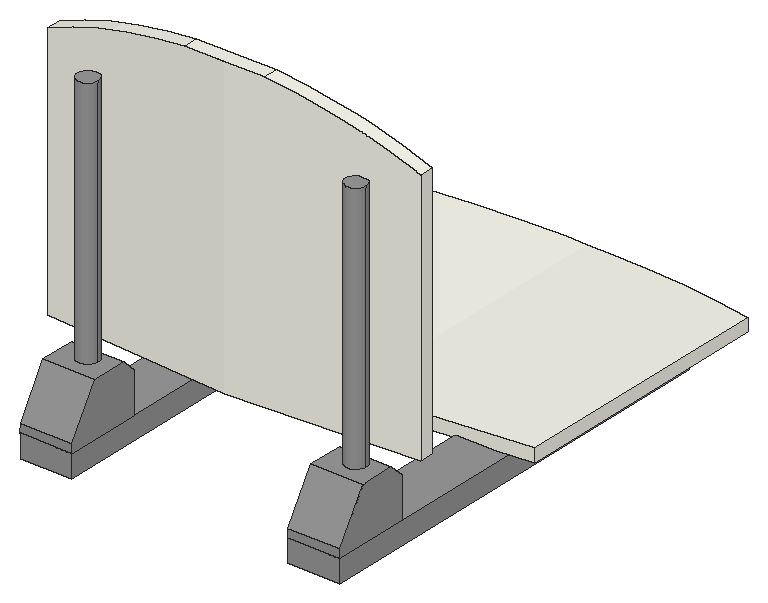
Revit family "KEUCO_34982010037", category Allgemeines Modell, Revit 2016
Family settings
  Teiletyp = Normal
  Kann Basisbauteil für Bewehrung sein = Nein
  Bemaßung runder Anschluss = Durchmesser verwenden
  Arbeitsebenenbasiert = Ja
  Immer vertikal = Nein
  Beim Laden mit Abzugskörper schneiden = Nein
  Gemeinsam genutzt = Nein
  Raumberechnungspunkt = Nein
Parameters (values of type "34982170038")
  Verwendung = "CA / DU"  # constant formula
  URL = "https://www.keuco.com/de/produkte/sortiment/artikel/?pid=34982&oid=2&pgo=18&country=de&lang=de&vid=34982170038"
  Preisgruppe = ""
  Materialien bei Hersteller anfragen = "Anfrage zu:  objektmanagement@keuco.de"
  Material = Weiß (RAL 9010)
  Kategorie = ""
  Gewicht = 0
  Beschreibung = "zur Wandmontage\r\nSitzfläche nach oben klappbar,\r\nRückenlehne abnehmbar"
  Default Elevation = 1219.2 mm
  Serie = "Plan"  # constant formula
  Material Stahl = Aluminium 1100-H18
  Hersteller = "KEUCO"  # constant formula
  Assembly Code = ""
  Ausschreibungstext = "KEUCO PLAN CARE Klappsitz 34982170038\r\nlichtgrauer (RAL 7035) Klappsitz \r\naus Polypropylen zur Wandmontage,\r\nin ästhetischem, funktionalem Design, \r\nfür sicheres Sitzen im Duschbereich,\r\nabnehmbare Rückenlehne zur leichten Reinigung,\r\nWandhalter und Sitzträger als Design-Element \r\naus silber-eloxiertem Aluminium (E6 EV1),\r\nantistatisch, leichte Reinigung,\r\nnach oben klappbarer Sitz belastbar bis 110 kg,\r\nBreite 363 mm, Länge der Sitzfläche 310 mm,\r\nAusladung 397 mm\r\nDer Sitz wird verdeckt angebracht \r\n\r\nDas Befestigungsmaterial ist separat zu bestellen!\r\n\r\nZur Montage (je nach Ankergrund/Mauerwerk) \r\nunbedingt erforderlich:\r\n2 x Befestigungs-Set 2 (Artikel-Nr. 34991000100)\r\noder\r\n2 x Befestigungs-Set 5 (Artikel-Nr. 34991000200)\r\noder\r\n2 x Befestigungs-Set 8 (Artikel-Nr. 34994000200)\r\noder \r\n1 x Befestigungs-Set 10 (Artikel-Nr., 34996000100)"
  Artikelnummer = "34982170038"
Types (6, lengths in mm): name | URL | Materialien bei Hersteller anfragen | Material | Material Stahl | Ausschreibungstext | Artikelnummer
  34982010037 | "https://www.keuco.com/de/produkte/sortiment/artikel/?pid=34982&oid=2&pgo=18&country=de&lang=de&vid=34982010037" | "Request to:  objektmanagement@keuco.de" | Schwarzgrau | Stahl, verchromt | "KEUCO PLAN CARE Klappsitz 34982010037\r\nschwarzgrauer (RAL 7021) Klappsitz \r\naus Polypropylen zur Wandmontage,\r\nin ästhetischem, funktionalem Design, \r\nfür sicheres Sitzen im Duschbereich,\r\nabnehmbare Rückenlehne zur leichten Reinigung,\r\nWandhalter und Sitzträger als Design-Element hochglanzverchromt,\r\nantistatisch, leichte Reinigung,\r\nnach oben klappbarer Sitz belastbar bis 110 kg,\r\nBreite 363 mm, Länge der Sitzfläche 310 mm,\r\nAusladung 397 mm\r\nDer Sitz wird verdeckt angebracht \r\n\r\nDas Befestigungsmaterial ist separat zu bestellen!\r\n\r\nZur Montage (je nach Ankergrund/Mauerwerk) \r\nunbedingt erforderlich:\r\n2 x Befestigungs-Set 2 (Artikel-Nr. 34991000100)\r\noder\r\n2 x Befestigungs-Set 5 (Artikel-Nr. 34991000200)\r\noder\r\n2 x Befestigungs-Set 8 (Artikel-Nr. 34994000200)\r\noder \r\n1 x Befestigungs-Set 10 (Artikel-Nr., 34996000100)" | "34982010037"
  34982010038 | "https://www.keuco.com/de/produkte/sortiment/artikel/?pid=34982&oid=2&pgo=18&country=de&lang=de&vid=34982010038" | "Request to:  objektmanagement@keuco.de" | Lichtgrau (RAL 7035) | Stahl, verchromt | "KEUCO PLAN CARE Klappsitz 34982010038\r\nlichtgrauer (RAL 7035) Klappsitz \r\naus Polypropylen zur Wandmontage,\r\nin ästhetischem, funktionalem Design, \r\nfür sicheres Sitzen im Duschbereich,\r\nabnehmbare Rückenlehne zur leichten Reinigung,\r\nWandhalter und Sitzträger als Design-Element hochglanzverchromt,\r\nantistatisch, leichte Reinigung,\r\nnach oben klappbarer Sitz belastbar bis 110 kg,\r\nBreite 363 mm, Länge der Sitzfläche 310 mm,\r\nAusladung 397 mm\r\nDer Sitz wird verdeckt angebracht \r\n\r\nDas Befestigungsmaterial ist separat zu bestellen!\r\n\r\nZur Montage (je nach Ankergrund/Mauerwerk) \r\nunbedingt erforderlich:\r\n2 x Befestigungs-Set 2 (Artikel-Nr. 34991000100)\r\noder\r\n2 x Befestigungs-Set 5 (Artikel-Nr. 34991000200)\r\noder\r\n2 x Befestigungs-Set 8 (Artikel-Nr. 34994000200)\r\noder \r\n1 x Befestigungs-Set 10 (Artikel-Nr., 34996000100)" | "34982010038"
  34982010051 | "https://www.keuco.com/de/produkte/sortiment/artikel/?pid=34982&oid=2&pgo=18&country=de&lang=de&vid=34982010051" | "Request to:  objektmanagement@keuco.de" | Weiß (RAL 9010) | Stahl, verchromt | "KEUCO PLAN CARE Klappsitz 34982010051\r\nweißer (RAL 9010) Klappsitz \r\naus Polypropylen zur Wandmontage,\r\nin ästhetischem, funktionalem Design, \r\nfür sicheres Sitzen im Duschbereich,\r\nabnehmbare Rückenlehne zur leichten Reinigung,\r\nWandhalter und Sitzträger als Design-Element hochglanzverchromt,\r\nantistatisch, leichte Reinigung,\r\nnach oben klappbarer Sitz belastbar bis 110 kg,\r\nBreite 363 mm, Länge der Sitzfläche 310 mm,\r\nAusladung 397 mm\r\nDer Sitz wird verdeckt angebracht \r\n\r\nDas Befestigungsmaterial ist separat zu bestellen!\r\n\r\nZur Montage (je nach Ankergrund/Mauerwerk) \r\nunbedingt erforderlich:\r\n2 x Befestigungs-Set 2 (Artikel-Nr. 34991000100)\r\noder\r\n2 x Befestigungs-Set 5 (Artikel-Nr. 34991000200)\r\noder\r\n2 x Befestigungs-Set 8 (Artikel-Nr. 34994000200)\r\noder \r\n1 x Befestigungs-Set 10 (Artikel-Nr., 34996000100)" | "34982010051"
  34982170037 | "https://www.keuco.com/de/produkte/sortiment/artikel/?pid=34982&oid=2&pgo=18&country=de&lang=de&vid=34982170037" | "Request to:  objektmanagement@keuco.de" | Schwarzgrau | Aluminium 1100-H18 | "KEUCO PLAN CARE Klappsitz 34982170037\r\nschwarzgrauer (RAL 7021) Klappsitz \r\naus Polypropylen zur Wandmontage,\r\nin ästhetischem, funktionalem Design, \r\nfür sicheres Sitzen im Duschbereich,\r\nabnehmbare Rückenlehne zur leichten Reinigung,\r\nWandhalter und Sitzträger als Design-Element \r\naus silber-eloxiertem Aluminium (E6 EV1),\r\nantistatisch, leichte Reinigung,\r\nnach oben klappbarer Sitz belastbar bis 110 kg,\r\nBreite 363 mm, Länge der Sitzfläche 310 mm,\r\nAusladung 397 mm\r\nDer Sitz wird verdeckt angebracht \r\n\r\nDas Befestigungsmaterial ist separat zu bestellen!\r\n\r\nZur Montage (je nach Ankergrund/Mauerwerk) \r\nunbedingt erforderlich:\r\n2 x Befestigungs-Set 2 (Artikel-Nr. 34991000100)\r\noder\r\n2 x Befestigungs-Set 5 (Artikel-Nr. 34991000200)\r\noder\r\n2 x Befestigungs-Set 8 (Artikel-Nr. 34994000200)\r\noder \r\n1 x Befestigungs-Set 10 (Artikel-Nr., 34996000100)" | "34982170037"
  34982170038 | "https://www.keuco.com/de/produkte/sortiment/artikel/?pid=34982&oid=2&pgo=18&country=de&lang=de&vid=34982170038" | "Anfrage zu:  objektmanagement@keuco.de" | Weiß (RAL 9010) | Aluminium 1100-H18 | "KEUCO PLAN CARE Klappsitz 34982170038\r\nlichtgrauer (RAL 7035) Klappsitz \r\naus Polypropylen zur Wandmontage,\r\nin ästhetischem, funktionalem Design, \r\nfür sicheres Sitzen im Duschbereich,\r\nabnehmbare Rückenlehne zur leichten Reinigung,\r\nWandhalter und Sitzträger als Design-Element \r\naus silber-eloxiertem Aluminium (E6 EV1),\r\nantistatisch, leichte Reinigung,\r\nnach oben klappbarer Sitz belastbar bis 110 kg,\r\nBreite 363 mm, Länge der Sitzfläche 310 mm,\r\nAusladung 397 mm\r\nDer Sitz wird verdeckt angebracht \r\n\r\nDas Befestigungsmaterial ist separat zu bestellen!\r\n\r\nZur Montage (je nach Ankergrund/Mauerwerk) \r\nunbedingt erforderlich:\r\n2 x Befestigungs-Set 2 (Artikel-Nr. 34991000100)\r\noder\r\n2 x Befestigungs-Set 5 (Artikel-Nr. 34991000200)\r\noder\r\n2 x Befestigungs-Set 8 (Artikel-Nr. 34994000200)\r\noder \r\n1 x Befestigungs-Set 10 (Artikel-Nr., 34996000100)" | "34982170038"
  34982170051 | "https://www.keuco.com/de/produkte/sortiment/artikel/?pid=34982&oid=2&pgo=18&country=de&lang=de&vid=34982170051" | "Request to:  objektmanagement@keuco.de" | Weiß (RAL 9010) | Aluminium 1100-H18 | "KEUCO PLAN CARE Klappsitz 34982170051\r\nweißter (RAL 9010) Klappsitz \r\naus Polypropylen zur Wandmontage,\r\nin ästhetischem, funktionalem Design, \r\nfür sicheres Sitzen im Duschbereich,\r\nabnehmbare Rückenlehne zur leichten Reinigung,\r\nWandhalter und Sitzträger als Design-Element \r\naus silber-eloxiertem Aluminium (E6 EV1),\r\nantistatisch, leichte Reinigung,\r\nnach oben klappbarer Sitz belastbar bis 110 kg,\r\nBreite 363 mm, Länge der Sitzfläche 310 mm,\r\nAusladung 397 mm\r\nDer Sitz wird verdeckt angebracht \r\n\r\nDas Befestigungsmaterial ist separat zu bestellen!\r\n\r\nZur Montage (je nach Ankergrund/Mauerwerk) \r\nunbedingt erforderlich:\r\n2 x Befestigungs-Set 2 (Artikel-Nr. 34991000100)\r\noder\r\n2 x Befestigungs-Set 5 (Artikel-Nr. 34991000200)\r\noder\r\n2 x Befestigungs-Set 8 (Artikel-Nr. 34994000200)\r\noder \r\n1 x Befestigungs-Set 10 (Artikel-Nr., 34996000100)" | "34982170051"
Reference planes
  plane 1 "Center (Front/Back)": y = 0
  plane 2: z = 0
  plane 3 "Center (Left/Right)": x = 0
  plane 4: x = -155.5
  plane 5: x = 155.5
  plane 6: x = -130.5
  plane 7: x = 130.5
  plane 8: z = 41.982
  plane 9: y = 425
  plane 10: z = 0
  plane 11: z = 397
  plane 12: z = 20
  plane 13: x = -105.116
  plane 14: x = 105.116
  plane 15: x = -181.5
  plane 16: x = 181.5
  plane 17: y = 495
Forms (mm)
  Extrusion 1, solid, material "Aluminium 1100-H18" <- "Material Stahl"
    sketch origin (0, 0, 0) x (1, 0, 0) y (0, 0, 1)
      loop
        line (-105.116, 20) -> (-105.116, 41.982) -> (-155.5, 41.982) -> (-155.5, 20) -> (-105.116, 20)
    from -425 to 0
  Extrusion 2, solid, material "Aluminium 1100-H18" <- "Material Stahl"
    sketch origin (0, 0, 0) x (0, 1, 0) y (0, 0, 1)
      loop
        line (75, 41.982) -> (75, 81.982) -> (62.637, 94.345) -> (27.637, 94.345) -> (0, 50.117) -> (0, 41.982) -> (75, 41.982)
    from -155.5 to -105.116
  Extrusion 3, solid, material "Aluminium 1100-H18" <- "Material Stahl"
    sketch origin (0, 0, 0) x (-1, 0, 0) y (0, 0, -1)
      loop
        line (-105.116, -20) -> (-155.5, -20) -> (-155.5, -41.982) -> (-105.116, -41.982) -> (-105.116, -20)
    from -425 to 0
  Extrusion 4, solid, material "Aluminium 1100-H18" <- "Material Stahl"
    sketch origin (0, 5, 0) x (1, 0, 0) y (0, 1, 0)
      loop
        circle (-130.5, 45.876) r 10
    from 94.345 to 338.898
  Extrusion 5, solid, material "Aluminium 1100-H18" <- "Material Stahl"
    sketch origin (0, 5, 0) x (-1, 0, 0) y (0, -1, 0)
      loop
        circle (-130.5, -45.876) r 10
    from 94.345 to 338.898
  Extrusion 6, solid, material "Weiß (RAL 9010)" <- "Material"
    sketch origin (-3.102, 0, -69.823) x (1, 0, 0) y (0, 0, 1)
      loop
        arc (-178.398, 112.476) -> (3.159, 101.708) -> (184.602, 114.247) r 1419.313
        line (184.602, 114.247) -> (184.602, 127.003)
        arc (184.602, 127.003) -> (3.162, 113.941) -> (-178.398, 125.204) r 1360.372
        line (-178.398, 125.204) -> (-178.398, 112.476)
    from -506.916 to -205
  Extrusion 7, void
    sketch origin (0, -30.235, 0) x (1, 0, 0) y (0, 1, 0)
      loop
        line (181.5, 495) -> (200.295, 495) -> (200.295, 550) -> (-196.5, 550) -> (-196.5, 495) -> (-181.5, 495)
        arc (-181.5, 495) -> (0, 525.235) -> (181.5, 495) r 559.885
    from 0 to 250
  Extrusion 8, solid, material "Weiß (RAL 9010)" <- "Material"
    sketch origin (0, 0, 0) x (1, 0, 0) y (0, 1, 0)
      loop
        arc (-181.5, 65.926) -> (-0.004, 53.929) -> (181.5, 65.79) r 1386.729
        line (181.5, 65.79) -> (181.5, 80)
        arc (181.5, 80) -> (0, 67.79) -> (-181.5, 80) r 1355.125
        line (-181.5, 80) -> (-181.5, 65.926)
    from 106.992 to 397
  Extrusion 9, void
    sketch origin (0, 0, 0) x (1, 0, 0) y (0, 0, 1)
      loop
        arc (-181.5, 357) -> (0, 398.864) -> (181.5, 357) r 414.376
        line (181.5, 357) -> (196.5, 357) -> (196.5, 422) -> (-194.5, 422) -> (-194.5, 357) -> (-181.5, 357)
    from -106.405 to -27.637
  Extrusion 10, solid, material "Aluminium 1100-H18" <- "Material Stahl"
    sketch origin (0, 0, 0) x (0, 1, 0) y (0, 0, -1)
      loop
        line (75, -41.982) -> (0, -41.982) -> (0, -50.117) -> (27.637, -94.345) -> (62.637, -94.345) -> (75, -81.982) -> (75, -41.982)
    from -155.5 to -105.116
Cuts and joins
  Extrusion 7 cuts Extrusion 6
  Extrusion 9 cuts Extrusion 8
Dimensions and locks
  equal spacing: plane 5, plane 3 "Center (Left/Right)", plane 4
  locked: plane 6 to plane 4 at 25
  locked: plane 5 to plane 7 at 25
  plane 9 to plane 1 "Center (Front/Back)" = 425 mm  (x2)
  plane 10 to plane 2 = 0 mm
  locked: plane 10 to plane 11 at 397
  locked: plane 10 to plane 12 at 20
  plane 5 to plane 14 to plane 13 to plane 4 = 50.384 mm locked, 210.232 mm, 50.384 mm locked
  locked: plane 16 to plane 5 at 26
  locked: plane 4 to plane 15 at 26
  plane 16 to plane 15 = 363 mm
  plane 3 "Center (Left/Right)" to plane 15 = 181.5 mm
  plane 6 to plane 7 = 261 mm
  plane 15 to plane 16 = 363 mm
  plane 3 "Center (Left/Right)" to plane 16 = 181.5 mm
  plane 17 to plane 1 "Center (Front/Back)" = 495 mm
  locked: plane 12 to plane 8 at 21.982
  locked: Extrusion 2 to plane 8 at 52.363
  locked: Extrusion 4 to plane 8 at 296.916
  aligned and locked: level to plane 2
  aligned and locked: plane 9 to Extrusion 1
  aligned and locked: plane 1 "Center (Front/Back)" to Extrusion 1
  aligned and locked: plane 8 to Extrusion 1
  aligned and locked: plane 13 to Extrusion 1
  aligned and locked: Extrusion 2 to plane 4
  aligned and locked: Extrusion 2 to plane 13
  aligned and locked: plane 8 to Extrusion 3
  aligned and locked: plane 12 to Extrusion 3
  aligned and locked: plane 5 to Extrusion 3
  aligned and locked: Extrusion 3 to plane 14
  aligned and locked: Extrusion 4 to Extrusion 2
  aligned and locked: Extrusion 6 to plane 15
  aligned and locked: plane 16 to Extrusion 6
  aligned and locked: Extrusion 8 to plane 15
  aligned and locked: Extrusion 8 to plane 11
  aligned and locked: Extrusion 8 to plane 16
  aligned and locked: Extrusion 5 to Extrusion 10
  aligned and locked: Extrusion 5 to Extrusion 4
  aligned and locked: Extrusion 10 to plane 14
  aligned and locked: plane 5 to Extrusion 10
Automatic sketch dimensions
  Extrusion 1 sketch curve to plane 4 = 0 mm
  Extrusion 1 sketch curve to plane 8 = 0 mm
  plane 13 to Extrusion 1 sketch curve = 0 mm
  Extrusion 1 sketch curve to plane 12 = 0 mm
  Extrusion 2 sketch curve to plane 1 "Center (Front/Back)" = 0 mm
  plane 8 to Extrusion 2 sketch curve = 0 mm
  Extrusion 2 sketch curve to plane 1 "Center (Front/Back)" = 27.637 mm
  Extrusion 2 sketch curve to Extrusion 2 sketch curve = 35 mm
  Extrusion 2 sketch curve to Extrusion 2 sketch curve = 12.363 mm  (x2)
  Extrusion 2 sketch curve to Extrusion 2 sketch curve = 8.136 mm
  Extrusion 2 sketch curve to Extrusion 2 sketch curve = 40 mm
  Extrusion 3 sketch curve to plane 5 = 0 mm
  Extrusion 3 sketch curve to plane 8 = 0 mm
  Extrusion 3 sketch curve to plane 14 = 0 mm
  Extrusion 3 sketch curve to plane 12 = 0 mm
  Extrusion 4 sketch curve to plane 6 = 0 mm
  Extrusion 4 sketch curve to plane 1 "Center (Front/Back)" = 50.876 mm
  Extrusion 5 sketch curve to plane 7 = 0 mm
  plane 1 "Center (Front/Back)" to Extrusion 5 sketch curve = 50.876 mm
  plane 15 to Extrusion 6 sketch curve = 0 mm
  plane 16 to Extrusion 6 sketch curve = 0 mm
  Extrusion 6 sketch curve to plane 3 "Center (Left/Right)" = 6.868 mm
  Extrusion 6 sketch curve to plane 3 "Center (Left/Right)" = 6.683 mm
  Extrusion 6 sketch curve to plane 12 = 22.653 mm
  level to Extrusion 6 sketch curve = 44.424 mm
  plane 8 to Extrusion 6 sketch curve = 13.4 mm
  Extrusion 6 sketch curve to Extrusion 6 sketch curve = 12.756 mm
  Extrusion 7 sketch curve to plane 15 = 0 mm
  Extrusion 7 sketch curve to plane 3 "Center (Left/Right)" = 0 mm
  Extrusion 7 sketch curve to plane 16 = 0 mm
  Extrusion 7 sketch curve to plane 15 = 15 mm
  Extrusion 7 sketch curve to Extrusion 7 sketch curve = 18.795 mm
  plane 1 "Center (Front/Back)" to Extrusion 7 sketch curve = 64.885 mm
  Extrusion 7 sketch curve to plane 17 = 30.235 mm
  plane 17 to Extrusion 7 sketch curve = 24.765 mm
  Extrusion 8 sketch curve to plane 15 = 0 mm
  Extrusion 8 sketch curve to plane 3 "Center (Left/Right)" = 0 mm
  Extrusion 8 sketch curve to plane 16 = 0 mm
  plane 3 "Center (Left/Right)" to Extrusion 8 sketch curve = 0.513 mm
  Extrusion 8 sketch curve to plane 1 "Center (Front/Back)" = 65.79 mm
  Extrusion 8 sketch curve to plane 1 "Center (Front/Back)" = 65.926 mm
  Extrusion 8 sketch curve to Extrusion 8 sketch curve = 14.074 mm
  Extrusion 8 sketch curve to Extrusion 8 sketch curve = 17.742 mm
  Extrusion 9 sketch curve to plane 15 = 0 mm
  Extrusion 9 sketch curve to plane 3 "Center (Left/Right)" = 0 mm
  Extrusion 9 sketch curve to plane 16 = 0 mm
  Extrusion 9 sketch curve to plane 15 = 13 mm
  plane 16 to Extrusion 9 sketch curve = 15 mm
  Extrusion 9 sketch curve to level = 15.512 mm
  plane 11 to Extrusion 9 sketch curve = 40 mm
  Extrusion 9 sketch curve to plane 11 = 25 mm
  Extrusion 10 sketch curve to plane 1 "Center (Front/Back)" = 0 mm
  Extrusion 10 sketch curve to plane 8 = 0 mm
  Extrusion 10 sketch curve to plane 1 "Center (Front/Back)" = 27.637 mm
  Extrusion 10 sketch curve to Extrusion 10 sketch curve = 35 mm
  Extrusion 10 sketch curve to Extrusion 10 sketch curve = 12.363 mm  (x2)
  Extrusion 10 sketch curve to Extrusion 10 sketch curve = 8.136 mm
  Extrusion 10 sketch curve to Extrusion 10 sketch curve = 40 mm
  radius of Extrusion 4 sketch curve = 10 mm
  radius of Extrusion 5 sketch curve = 10 mm
